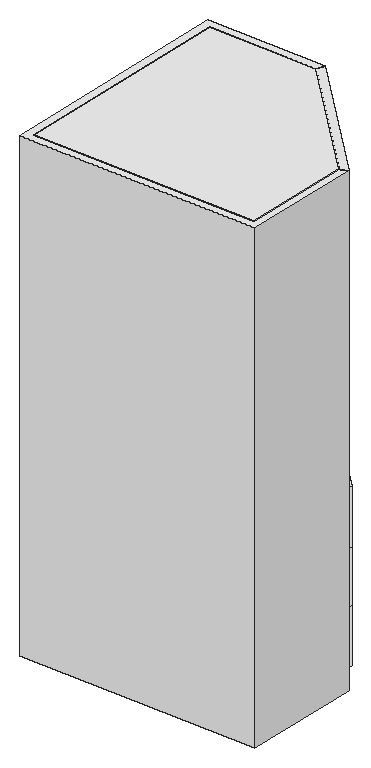
Revit family "Upper Cabinet-Corner Unit Tall 1-Wall (M)", category 케이스워크, Revit 2026
Family settings
  호스트 = 벽
  항상 수직 = 예
  로드될 때 보이드를 사용하여 절단 = 아니오
  공유 = 아니오
  룸 계산 점 = 아니오
Parameters (values of type "300mm")
  기본 높이 = 0 mm
  Cabinet Material = none
  깊이 = 300 mm
  Door/Drawer Material = none
  높이 = 1200 mm
  Top Of Cabinet = 2000 mm
  Width = 0 mm
Reference planes
  plane 1: y = 0
  plane 2: x = 258.371
  plane 3: x = -41.629
  plane 4: z = 800
  plane 5: z = 2000
  plane 6: y = 376.2
  plane 7: y = 76.2
  plane 8: z = 1238
  plane 9: y = 681
  plane 10: x = 563.171
  plane 11: z = 1269.75
  plane 12: z = 1100.731
  plane 13: z = 963.463
  plane 14: z = 826.194
  plane 15 "t": z = 1942.85
Forms (mm)
  Extrusion 1, solid, material <- "Cabinet Material"
    sketch origin (0, 0, 800) x (0, 1, 0) y (1, 0, 0)
      loop
        line (76.2, -41.629) -> (681, -41.629) -> (681, 258.371) -> (661.95, 250.48) -> (661.95, -22.579) -> (95.25, -22.579) -> (95.25, 544.121) -> (368.309, 544.121) -> (376.2, 563.171) -> (76.2, 563.171) -> (76.2, -41.629)
    from 0 to -1200
  Extrusion 2, solid, material <- "Cabinet Material"
    sketch origin (0, 0, 800) x (0, 1, 0) y (1, 0, 0)
      loop
        line (95.25, -22.579) -> (661.95, -22.579) -> (661.95, 250.48) -> (368.309, 544.121) -> (95.25, 544.121) -> (95.25, -22.579)
    from 0 to -26.194
  Extrusion 3, solid, material <- "Cabinet Material"
    sketch origin (0, 0, 2000) x (0, 1, 0) y (1, 0, 0)
      loop
        line (661.95, 250.48) -> (368.309, 544.121) -> (95.25, 544.121) -> (95.25, -22.579) -> (661.95, -22.579) -> (661.95, 250.48)
    from 0 to 25.4
  Extrusion 4, solid, material <- "Cabinet Material"
    sketch origin (0, 0, 800) x (0, 1, 0) y (1, 0, 0)
      loop
        line (661.95, 250.48) -> (681, 258.371) -> (376.2, 563.171) -> (368.309, 544.121) -> (661.95, 250.48)
    from 0 to -1200
  Extrusion 5, void
    sketch origin (0, 0, 800) x (1, 0, 0) y (0, 1, 0)
      loop
        line (285.312, 627.118) -> (509.29, 403.141) -> (522.76, 416.611) -> (298.782, 640.589) -> (285.312, 627.118)
    from 469.75 to 1142.85
  Extrusion 6, solid, material <- "Door/Drawer Material"
    sketch origin (-4.358, -4.358, 1555.75) x (-1, 0, 0) y (0, 1, 0)
      loop
        line (-312.12, 653.927) -> (-536.098, 429.949) -> (-513.647, 407.498) -> (-289.669, 631.476) -> (-312.12, 653.927)
    from 317.75 to 455.019
  Extrusion 7, void
    sketch origin (0, 0, 800) x (1, 0, 0) y (0, 1, 0)
      loop
        line (285.312, 627.118) -> (509.29, 403.141) -> (522.76, 416.611) -> (298.782, 640.589) -> (285.312, 627.118)
    from 26.194 to 438
  Extrusion 8, solid, material <- "Door/Drawer Material"
    sketch origin (0, 0, 800) x (0, 1, 0) y (1, 0, 0)
      loop
        line (425.591, 531.74) -> (403.141, 509.29) -> (627.118, 285.312) -> (649.569, 307.763) -> (425.591, 531.74)
    from -163.463 to -26.194
  Extrusion 9, solid, material <- "Door/Drawer Material"
    sketch origin (0, 0, 800) x (0, 1, 0) y (1, 0, 0)
      loop
        line (425.591, 531.74) -> (403.141, 509.29) -> (627.118, 285.312) -> (649.569, 307.763) -> (425.591, 531.74)
    from -300.731 to -163.463
  Extrusion 10, solid, material <- "Door/Drawer Material"
    sketch origin (0, 0, 1942.85) x (0, 1, 0) y (1, 0, 0)
      loop
        line (627.118, 285.312) -> (645.079, 303.272) -> (421.101, 527.25) -> (403.141, 509.29) -> (627.118, 285.312)
    from 0 to 673.1
Cuts and joins
  Extrusion 5, Extrusion 7 cuts Extrusion 1
  Extrusion 5, Extrusion 7 cuts Extrusion 2
  Extrusion 5, Extrusion 7 cuts Extrusion 3
  Extrusion 5, Extrusion 7 cuts Extrusion 4
  Extrusion 7 cuts Extrusion 6
Lines and regions (mm)
  symbolic lines, style "Plan Rep - Above"
    curve 1: line (-41.629, 76.2, 800) -> (-41.629, 681, 800)
    curve 2: line (-41.629, 681, 800) -> (258.371, 681, 800)
    curve 3: line (258.371, 681, 800) -> (563.171, 376.2, 800)
    curve 4: line (563.171, 376.2, 800) -> (563.171, 76.2, 800)
    curve 5: line (563.171, 76.2, 800) -> (-41.629, 76.2, 800)
Text (mm)
  text "Placement Side" at (0, 251.518, 2621.215), in view "Right"
  text "Placement Side" at (-1498.394, 889.318, 0), in view "Floor Line"
  text "Placement Side" at (0, 1429.47, 2455.331), in view "Left"
Dimensions and locks
  "높이": plane 4 to plane 5
  "Top Of Cabinet": level to plane 5
  locked: plane 8 to plane 5 at 762
  locked: plane 8 to plane 11 at 31.75
  locked: plane 9 to plane 6 at 304.8
  locked: plane 2 to plane 10 at 304.8
  equal spacing: plane 14, plane 13, plane 12, plane 8
  locked: plane 4 to plane 14 at 26.194
  locked: plane 15 "t" to plane 5 at 57.15
  "깊이": plane 6 to plane 7
  "깊이": plane 3 to plane 2
  aligned and locked: plane 7 to host wall
  aligned and locked: Extrusion 1 to plane 5
  aligned and locked: Extrusion 4 to plane 5
  aligned and locked: Extrusion 6 to plane 8
  aligned and locked: plane 12 to Extrusion 6
  aligned and locked: Extrusion 7 to plane 8
  aligned and locked: Extrusion 9 to plane 12
  aligned and locked: plane 13 to Extrusion 9
  aligned and locked: Extrusion 8 to plane 13
  aligned and locked: Extrusion 7 to cut or joined group of Extrusion 2, Extrusion 5, Extrusion 7
  aligned and locked: Extrusion 8 to cut or joined group of Extrusion 2, Extrusion 5, Extrusion 7
  aligned and locked: plane 15 "t" to Extrusion 5
  aligned and locked: plane 11 to Extrusion 5
  aligned: level to host wall
Automatic sketch dimensions
  Extrusion 1 sketch curve to host wall = 0 mm
  Extrusion 1 sketch curve to plane 6 = 0 mm
  Extrusion 1 sketch curve to plane 2 = 0 mm
  Extrusion 1 sketch curve to plane 9 = 0 mm
  Extrusion 1 sketch curve to plane 10 = 0 mm
  Extrusion 1 sketch curve to plane 3 = 0 mm
  host wall to Extrusion 1 sketch curve = 19.05 mm
  Extrusion 1 sketch curve to plane 6 = 7.891 mm
  Extrusion 1 sketch curve to Extrusion 1 sketch curve = 19.05 mm
  plane 3 to Extrusion 1 sketch curve = 19.05 mm
  host wall to Extrusion 2 sketch curve = 19.05 mm
  Extrusion 2 sketch curve to plane 6 = 7.891 mm
  Extrusion 2 sketch curve to plane 2 = 7.891 mm
  plane 9 to Extrusion 2 sketch curve = 19.05 mm
  plane 10 to Extrusion 2 sketch curve = 19.05 mm
  plane 3 to Extrusion 2 sketch curve = 19.05 mm
  host wall to Extrusion 3 sketch curve = 19.05 mm
  Extrusion 3 sketch curve to plane 6 = 7.891 mm
  plane 3 to Extrusion 3 sketch curve = 19.05 mm
  plane 9 to Extrusion 3 sketch curve = 19.05 mm
  Extrusion 3 sketch curve to plane 2 = 7.891 mm
  plane 10 to Extrusion 3 sketch curve = 19.05 mm
  plane 10 to Extrusion 1 sketch curve = 19.05 mm
  Extrusion 1 sketch curve to plane 2 = 7.891 mm
  Extrusion 4 sketch curve to plane 6 = 0 mm
  Extrusion 4 sketch curve to plane 2 = 0 mm
  Extrusion 4 sketch curve to plane 9 = 0 mm
  Extrusion 4 sketch curve to plane 10 = 0 mm
  Extrusion 4 sketch curve to plane 6 = 7.891 mm
  Extrusion 4 sketch curve to plane 2 = 7.891 mm
  plane 9 to Extrusion 4 sketch curve = 19.05 mm
  plane 10 to Extrusion 4 sketch curve = 19.05 mm
  plane 2 to Extrusion 5 sketch curve = 26.941 mm
  Extrusion 5 sketch curve to Extrusion 5 sketch curve = 13.47 mm  (x2)
  plane 6 to Extrusion 5 sketch curve = 26.941 mm
  plane 2 to Extrusion 5 sketch curve = 250.918 mm
  curve 5 to plane 3 = 0 mm
  curve 2 to plane 2 = 0 mm
  curve 4 to plane 10 = 0 mm
  curve 1 to host wall = 0 mm
  curve 3 to plane 6 = 0 mm
  curve 2 to plane 9 = 0 mm
  plane 10 to Extrusion 6 sketch curve = 31.431 mm
  plane 6 to Extrusion 6 sketch curve = 26.941 mm
  Extrusion 6 sketch curve to Extrusion 6 sketch curve = 22.451 mm  (x2)
  plane 2 to Extrusion 6 sketch curve = 49.391 mm
  plane 2 to Extrusion 7 sketch curve = 26.941 mm
  Extrusion 7 sketch curve to Extrusion 7 sketch curve = 13.47 mm  (x2)
  plane 6 to Extrusion 7 sketch curve = 26.941 mm
  plane 10 to Extrusion 7 sketch curve = 53.882 mm
  plane 6 to Extrusion 9 sketch curve = 26.941 mm
  Extrusion 9 sketch curve to Extrusion 9 sketch curve = 22.451 mm  (x2)
  plane 2 to Extrusion 9 sketch curve = 26.941 mm
  plane 9 to Extrusion 9 sketch curve = 53.882 mm
  plane 6 to Extrusion 10 sketch curve = 26.941 mm
  Extrusion 10 sketch curve to Extrusion 10 sketch curve = 17.961 mm  (x2)
  plane 2 to Extrusion 10 sketch curve = 26.941 mm
  plane 9 to Extrusion 10 sketch curve = 53.882 mm
  plane 6 to Extrusion 8 sketch curve = 26.941 mm
  plane 10 to Extrusion 8 sketch curve = 31.431 mm
  Extrusion 8 sketch curve to Extrusion 8 sketch curve = 22.451 mm  (x2)
  plane 9 to Extrusion 8 sketch curve = 53.882 mm
